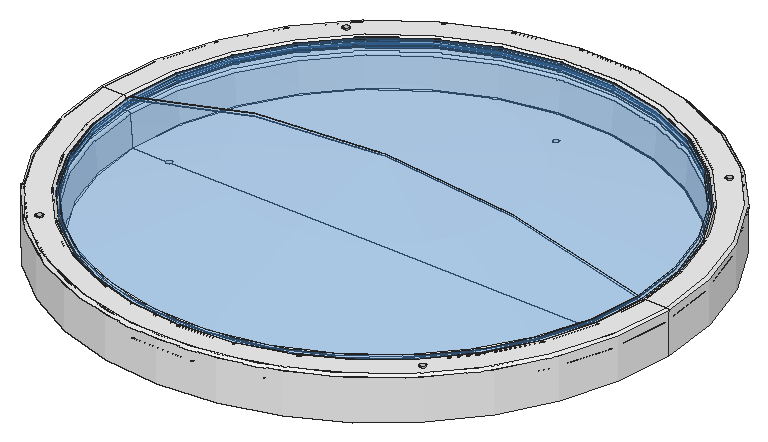
Revit family "BE_24231_de_DE", category Leuchten, Revit 2020
Family settings
  Basisbauteil = Fläche
  Bemaßung runder Anschluss = Durchmesser verwenden
  Teiletyp = Normal
  Beim Laden mit Abzugskörper schneiden = Ja
  Lichtquelle = Ja
  Gemeinsam genutzt = Nein
  Raumberechnungspunkt = Ja
Parameters (values of type "BEGA_24231_Weiß_K4")
  built-in parameter 1150104 = 13.629 (stored number, unit not read)
  Wattage = 117.6 W
  Default Elevation = 0 mm
  built-in parameter 1150113 = 1 (stored number, unit not read)
  built-in parameter 1114218 = 1 (stored number, unit not read)
  Umgebungstemperatur = "25 °C"
  URL = "https://www.bega.com/de/produkt/24231"
  Typenkommentare = "© 2022 BEGA. Wir behalten uns das Recht vor, technische Änderungen ohne vorherige Ankündigung vorzunehmen."  # constant formula
  Type Image = 24231.png
  built-in parameter 1150134 = 12
  built-in parameter 1150109 = 1 (stored number, unit not read)
  Strom = ""
  built-in parameter 1150110 = 1 (stored number, unit not read)
  Spannung = 239.996 V
  Sonderanfertigung = no
  Seriennummer [instance] = "Hier können Sie die eindeutige Seriennummer für das Facility Management eintragen."
  Schutzklasse = "I"
  Schutzart = "IP 65"
  Scheinlast = 0 VA
  Produktdatenblatt = "https://cdn.bega.com/bega/products/24231AK3/current/documents/data-sheets/de"
  Oberflächentemperatur = ""
  Neigungswinkel = 0.00°
  Modell = "24231WK4"
  Material_17 = BEGA_Reflektor
  Material_15 = BEGA_Leuchtmedium_matt
  Material_13 = BEGA_Kunststoff_matt
  Material_11 = BEGA_Glas_opal
  Material_09 = BEGA_Glas_klar
  Material_06 = BEGA_Oberfläche_Edelstahl_gebürstet
  Material_03 = BEGA_Oberfläche_Weiss_matt
  Material_02 = BEGA_Oberfläche_Silber_matt
  Material_01 [instance] = BEGA_Oberfläche_Grafit_matt
  M_W = yes
  M_G = no
  M_A = no
  Logo = 0
  built-in parameter 1114217 = 1 (stored number, unit not read)
  built-in parameter 1150139 = (empty or 0)
  built-in parameter 1150105 = 5863.4 (stored number, unit not read)
  built-in parameter 1150114 = 1 (stored number, unit not read)
  Lumens = 17251.9 lm
  built-in parameter 1150115 = 1 (stored number, unit not read)
  Leuchtenlichtstrom = "16358 lm"
  Leuchtenanzahl = ""
  Lebensdauerkriterien = "L70B50 @ 25 °C = 200000 h"
  Lastklassifizierung = Beleuchtung
  built-in parameter 1150112 = 1 (stored number, unit not read)
  Lampenlichtstrom = "21620 lm"
  Lampe = "LED 115 W"
  LED_Modulbezeichnung = "4 x LED-0566/840  +  6 x LED-0567/840  +  2 x LED-0568/840"
  built-in parameter 1150142 = (empty or 0)
  Hersteller = "BEGA"  # constant formula
  Halbstreuwinkel = ""
  Gewicht = "17.7 kg"
  Gebrauchslageneinschränkung [instance] = ""
  Frequenz = "0/50-60 Hz"
  Farbwiedergabeindex = "CRI > 80"
  Farbtemperaturverschiebung bei Dämpfen der Lampe = <Keine Auswahl>
  Farbtemperatur = "4000 K"
  Color Filter = 16777215
  built-in parameter 1150133 = 10 (stored number, unit not read)
  Energieeffizienzklasse = "LED A++ - A"
  built-in parameter 1150137 = (empty or 0)
  built-in parameter 1150132 = (empty or 0)
  ENEC = "ja"
  Dimmbar [instance] = "DALI"
  Datei für fotometrisches Netz = "BE_24231K4.IES"
  CE_Konformität = "ja"
  Bestellnummer = "24231WK4"
  Beschreibung_Sonderanfertigung = "Hier können Sie Informationen zur Sonderanfertigung eintragen."
  Beschreibung = "Großflächenleuchte"
  built-in parameter 1150106 = 58.634 (stored number, unit not read)
  Befestigungsbohrung = "Ø 9,2 mm"
  Befestigungsabstand = "700 x 700 mm"
  Ballwurfsicher = ""
  BEGA_Intern_aus = yes
  BEGA_Intern_an = yes
  BEGA_Intern_Konstruktion = yes
  BEGA_Intern = yes
  BEGA_IES = yes
  BEGA_Dummy = no
  Anschlussleitung = ""
  Anschlussleistung [instance] = "121.2 W"
  Anschlusskasten = ""
  built-in parameter 1150107 = 4000 (stored number, unit not read)
  built-in parameter 1150102 = (empty or 0)
  built-in parameter 1150138 = (empty or 0)
  Aktualisierung = "2022-05-18T04:00:07"
  Abstand_zur_angestrahlten_Fläche [instance] = ""
  AC/DC = "AC/DC"
Types (6, lengths in mm): name | built-in parameter 1150134 | Modell | M_W | M_G | M_A | Leuchtenlichtstrom | Lampenlichtstrom | LED_Modulbezeichnung | Farbtemperatur | Datei für fotometrisches Netz | Bestellnummer | built-in parameter 1150107
  BEGA_24231_Weiß_K3 | (empty or 0) | "24231WK3" | yes | no | no | "16141 lm" | "21320 lm" | "4 x LED-0566/830  +  6 x LED-0567/830  +  2 x LED-0568/830" | "3000 K" | "BE_24231K3.IES" | "24231WK3" | 3000 (stored number, unit not read)
  BEGA_24231_Grafit_K4 | 12 | "24231K4" | no | yes | no | "16358 lm" | "21620 lm" | "4 x LED-0566/840  +  6 x LED-0567/840  +  2 x LED-0568/840" | "4000 K" | "BE_24231K4.IES" | "24231K4" | 4000 (stored number, unit not read)
  BEGA_24231_Silber_K4 | 12 | "24231AK4" | no | no | yes | "16358 lm" | "21620 lm" | "4 x LED-0566/840  +  6 x LED-0567/840  +  2 x LED-0568/840" | "4000 K" | "BE_24231K4.IES" | "24231AK4" | 4000 (stored number, unit not read)
  BEGA_24231_Silber_K3 | (empty or 0) | "24231AK3" | no | no | yes | "16141 lm" | "21320 lm" | "4 x LED-0566/830  +  6 x LED-0567/830  +  2 x LED-0568/830" | "3000 K" | "BE_24231K3.IES" | "24231AK3" | 3000 (stored number, unit not read)
  BEGA_24231_Weiß_K4 | 12 | "24231WK4" | yes | no | no | "16358 lm" | "21620 lm" | "4 x LED-0566/840  +  6 x LED-0567/840  +  2 x LED-0568/840" | "4000 K" | "BE_24231K4.IES" | "24231WK4" | 4000 (stored number, unit not read)
  BEGA_24231_Grafit_K3 | (empty or 0) | "24231K3" | no | yes | no | "16141 lm" | "21320 lm" | "4 x LED-0566/830  +  6 x LED-0567/830  +  2 x LED-0568/830" | "3000 K" | "BE_24231K3.IES" | "24231K3" | 3000 (stored number, unit not read)
Reference planes
  plane 1 "Mitte (Vorne/Hinten)": y = 0
  plane 2: z = 0
  plane 3 "Mitte (Links/Rechts)": x = 0
  plane 4 "Links": x = -464
  plane 5 "Rechts": x = 464
  plane 6 "Unten": y = -464
  plane 7 "Oben": y = 464
  plane 8 "Vorne": z = 142.441
  plane 9 "Hinten": z = 0
Forms (mm)
  Extrusion 1, solid, material "BEGA_Platte_Weiss"
    sketch origin (0, -1119.2, 0) x (1, 0, 0) y (0, 1, 0)
      loop
        line (-200, 1319.2) -> (-200, 919.2) -> (200, 919.2) -> (200, 1319.2) -> (-200, 1319.2)
    from 0 to -10
  Extrusion 2, solid, material "BEGA_Dummy_matt", visible <- "BEGA_Dummy"
    sketch origin (77.149, -76.023, 0) x (1, 0, 0) y (0, 1, 0)
      loop
        circle (-77.149, 76.023) r 464
    from 0 to 142.441
Dimensions and locks
  plane 1 "Mitte (Vorne/Hinten)" to Extrusion 1 = 200 mm
  aligned and locked: plane 2 to Extrusion 1
  aligned and locked: level to Extrusion 1
Nested families
  nested 1: "BE_24231" at (0, 0, 0), type "BE_24231"
Connectors
  electrical at (0, 0, 0), driven by "Lastklassifizierung", driven by "Spannung", driven by "Scheinlast"
    settings: index 1, voltage 239.996 V, apparent load 0 VA, apparent load phase1 0 VA, apparent load phase2 0 VA, apparent load phase3 0 VA, power factor 1, load classification "Beleuchtung", number of poles 1, system type 31, power factor state 1, is connector primary yes, connector utility no, sub classification motor no, connector description ""
Definition of nested family "BE_24231"
  Parameters (values of type "BE_24231")
    Default Elevation = 1 mm
    URL = "http://www.bega.de/de/produkt"
    Type Comments = "© 2015 BEGA. Wir behalten uns das Recht vor, technische Änderungen ohne vorherige Ankündigung vorzunehmen. "  # constant formula
    Type Image = (empty or 0)
    Neigungswinkel_um_Z2 = 0.00°
    Neigungswinkel_um_Z1 = 0.00°
    Neigungswinkel_um_Y2 = 0.00°
    Neigungswinkel_um_Y1 = 0.00°
    Neigungswinkel_um_X2 = 0.00°
    Neigungswinkel_um_X1 = 0.00°
    Material_17 = none
    Material_15 = none
    Material_13 = none
    Material_11 = none
    Material_09 = none
    Material_06 = none
    Material_03 = none
    Material_02 = none
    Material_01 = none
    M_W = yes
    M_G = yes
    M_A = yes
    Länge_Platte = 1000 mm  # constant formula
    Höhe_Platte = -10 mm  # constant formula
    Manufacturer = "BEGA"  # constant formula
    Drehwinkel_um_Z2 = 0.00°
    Drehwinkel_um_Z1 = 0.00°
    Breite_Platte = 1000 mm  # constant formula
  Reference planes
    plane 1 "Mitte (Oben/Unten)": y = 0
    plane 2: z = 0
    plane 3 "Mitte (Links/Rechts)": x = 0
    plane 4: x = -464
    plane 5: z = 142.441
    plane 6: x = 464
    plane 7: y = -464
    plane 8: y = 464
  Forms (mm)
    Extrusion 1, solid, detail levels medium
      sketch origin (0, 0, 0) x (1, 0, 0) y (0, 1, 0)
        loop
          line (-500, 500) -> (-500, -500) -> (500, -500) -> (500, 500) -> (-500, 500)
      from 0 to -10 <- "Höhe_Platte"
    Revolve 2, solid, material <- "Material_01", visible <- "M_G", detail levels medium+fine
      sketch origin (0, 0, 0) x (1, 0, 0) y (0, 0, 1)
        loop
          arc (-458.751, 58.996) -> (-457.283, 55.461) -> (-453.747, 54) r 5
          line (-453.747, 54) -> (-418.915, 54)
          arc (-418.915, 54) -> (-418.256, 53.752) -> (-417.924, 53.131) r 1
          line (-417.924, 53.131) -> (-413.858, 6.651)
          arc (-413.858, 6.651) -> (-412.578, 4.054) -> (-409.881, 3) r 4
          line (-409.881, 3) -> (0, 3) -> (0, 6) -> (-409.875, 6)
          arc (-409.875, 6) -> (-410.549, 6.263) -> (-410.869, 6.913) r 1
          line (-410.869, 6.913) -> (-414.932, 53.349)
          arc (-414.932, 53.349) -> (-416.211, 55.946) -> (-418.908, 57) r 4
          line (-418.908, 57) -> (-453.751, 57)
          arc (-453.751, 57) -> (-455.165, 57.586) -> (-455.751, 59) r 2
          line (-455.751, 59) -> (-455.751, 61)
          arc (-455.751, 61) -> (-456.044, 61.707) -> (-456.751, 62) r 1
          line (-456.751, 62) -> (-457.751, 62)
          arc (-457.751, 62) -> (-458.458, 61.707) -> (-458.751, 61) r 1
          line (-458.751, 61) -> (-458.751, 58.996)
        axis (0, 3) -> (0, 62)
      angle from 0 to 360
    Revolve 3, solid, material <- "Material_01", visible <- "M_G", detail levels medium+fine
      sketch origin (0, -350.067, 0) x (-1, 0, 0) y (0, 0, 1)
        loop
          arc (-21.172, 1.172) -> (-19.874, 0.304) -> (-18.343, 0) r 4
          line (-18.343, 0) -> (0, 0) -> (0, 3) -> (-24.657, 3)
          arc (-24.657, 3) -> (-23.134, 2.699) -> (-21.841, 1.841) r 4
          line (-21.841, 1.841) -> (-21.172, 1.172)
        axis (0, 3) -> (0, 0)
      angle from 0 to 360
    Extrusion 4, void
      sketch origin (0, -180.361, 0) x (-1, 0, 0) y (0, -1, 0)
        loop
          circle (0, 169.706) r 4.6
      from -0.618 to 9
    Revolve 5, solid, material <- "Material_01", visible <- "M_G", detail levels medium+fine
      sketch origin (0, 0, 0) x (1, 0, 0) y (0, 0, 1)
        loop
          line (-461, 9) -> (-461, 75)
          arc (-461, 75) -> (-460.707, 75.707) -> (-460, 76) r 1
          line (-460, 76) -> (-423.921, 75.988)
          arc (-423.921, 75.988) -> (-423.315, 75.651) -> (-423.074, 75) r 1
          line (-423.074, 75) -> (-423.074, 69.5) -> (-420, 69.5) -> (-420, 75) -> (-424, 79) -> (-460, 79) -> (-464, 75) -> (-464, 9) -> (-461, 9)
        axis (0, 9) -> (0, 79)
      angle from 0 to 360
    Revolve 6, solid, material <- "Material_13", detail levels medium+fine
      sketch origin (0, 0, 0) x (1, 0, 0) y (0, 0, 1)
        loop
          line (-419, 66.441) -> (-430.024, 66.441) -> (-430.024, 62.442) -> (-418.998, 62.442)
          arc (-418.998, 62.442) -> (-415.516, 63.853) -> (-414, 67.292) r 5
          line (-414, 67.292) -> (-414, 74.903)
          arc (-414, 74.903) -> (-413.805, 75.496) -> (-413.297, 75.858) r 1
          arc (-413.297, 75.858) -> (-209.004, 122.707) -> (0, 138.441) r 1395.992
          line (0, 138.441) -> (0, 142.441)
          arc (0, 142.441) -> (-209.603, 126.662) -> (-414.48, 79.68) r 1399.998
          arc (-414.48, 79.68) -> (-417.025, 77.866) -> (-418, 74.9) r 5
          line (-418, 74.9) -> (-418, 67.441)
          arc (-418, 67.441) -> (-418.293, 66.734) -> (-419, 66.441) r 1
        axis (0, 142.441) -> (0, 62.442)
      angle from 0 to 360
    Revolve 7, void
      sketch origin (0, 0, 27.13) x (1, 0, 0) y (0, 1, 0)
        loop
          line (395.264, -110.362) -> (394.151, -114.516) -> (432.099, -124.684) -> (433.212, -120.53) -> (395.264, -110.362)
        axis (395.264, -110.362) -> (433.212, -120.53)
      angle from 0 to 360
    Revolve 8, void
      sketch origin (-16.646, 23.773, 27.13) x (0.996195, 0.087156, 0) y (-0.087156, 0.996195, 0)
        loop
          line (386.442, -198.567) -> (384.625, -202.464) -> (420.231, -219.068) -> (422.048, -215.171) -> (386.442, -198.567)
        axis (386.442, -198.567) -> (422.048, -215.171)
      angle from 0 to 360
    Extrusion 9, void
      sketch origin (-89.803, 89.803, 0) x (1, 0, 0) y (0, 1, 0)
        loop
          circle (-222.739, 222.739) r 5.5
        loop
          circle (-222.739, -402.344) r 5.5
        loop
          circle (402.344, 222.739) r 5.5
        loop
          circle (402.344, -402.344) r 5.5
      from 76.289 to 83.761
    Extrusion 10, solid, material <- "Material_06", detail levels fine
      sketch origin (-89.803, 89.803, 0) x (1, 0, 0) y (0, 1, 0)
        loop
          circle (-222.739, 222.739) r 4.5
        loop
          circle (-222.739, -402.344) r 4.5
        loop
          circle (402.344, 222.739) r 4.5
        loop
          circle (402.344, -402.344) r 4.5
      from 76.289 to 80
    Revolve 11, solid, material <- "Material_01", visible <- "M_G", detail levels medium+fine
      sketch origin (-350.067, 0, 0) x (0, 1, 0) y (0, 0, 1)
        loop
          arc (-21.172, 1.172) -> (-19.874, 0.304) -> (-18.343, 0) r 4
          line (-18.343, 0) -> (0, 0) -> (0, 3) -> (-24.657, 3)
          arc (-24.657, 3) -> (-23.134, 2.699) -> (-21.841, 1.841) r 4
          line (-21.841, 1.841) -> (-21.172, 1.172)
        axis (0, 3) -> (0, 0)
      angle from 0 to 360
    Extrusion 12, void
      sketch origin (-180.361, 0, 0) x (0, 1, 0) y (-1, 0, 0)
        loop
          circle (0, 169.706) r 4.6
      from -0.618 to 9
    Revolve 13, solid, material <- "Material_01", visible <- "M_G", detail levels medium+fine
      sketch origin (350.067, 0, 0) x (0, -1, 0) y (0, 0, 1)
        loop
          arc (-21.172, 1.172) -> (-19.874, 0.304) -> (-18.343, 0) r 4
          line (-18.343, 0) -> (0, 0) -> (0, 3) -> (-24.657, 3)
          arc (-24.657, 3) -> (-23.134, 2.699) -> (-21.841, 1.841) r 4
          line (-21.841, 1.841) -> (-21.172, 1.172)
        axis (0, 3) -> (0, 0)
      angle from 0 to 360
    Extrusion 14, void
      sketch origin (180.361, 0, 0) x (0, -1, 0) y (1, 0, 0)
        loop
          circle (0, 169.706) r 4.6
      from -0.618 to 9
    Revolve 15, solid, material <- "Material_01", visible <- "M_G", detail levels medium+fine
      sketch origin (0, 350.067, 0) x (1, 0, 0) y (0, 0, 1)
        loop
          arc (-21.172, 1.172) -> (-19.874, 0.304) -> (-18.343, 0) r 4
          line (-18.343, 0) -> (0, 0) -> (0, 3) -> (-24.657, 3)
          arc (-24.657, 3) -> (-23.134, 2.699) -> (-21.841, 1.841) r 4
          line (-21.841, 1.841) -> (-21.172, 1.172)
        axis (0, 3) -> (0, 0)
      angle from 0 to 360
    Extrusion 16, void
      sketch origin (0, 180.361, 0) x (1, 0, 0) y (0, 1, 0)
        loop
          circle (0, 169.706) r 4.6
      from -0.618 to 9
    Revolve 17, solid, material <- "Material_02", visible <- "M_A", detail levels medium+fine
      sketch origin (0, 0, 0) x (1, 0, 0) y (0, 0, 1)
        loop
          arc (-458.751, 58.996) -> (-457.283, 55.461) -> (-453.747, 54) r 5
          line (-453.747, 54) -> (-418.915, 54)
          arc (-418.915, 54) -> (-418.256, 53.752) -> (-417.924, 53.131) r 1
          line (-417.924, 53.131) -> (-413.858, 6.651)
          arc (-413.858, 6.651) -> (-412.578, 4.054) -> (-409.881, 3) r 4
          line (-409.881, 3) -> (0, 3) -> (0, 6) -> (-409.875, 6)
          arc (-409.875, 6) -> (-410.549, 6.263) -> (-410.869, 6.913) r 1
          line (-410.869, 6.913) -> (-414.932, 53.349)
          arc (-414.932, 53.349) -> (-416.211, 55.946) -> (-418.908, 57) r 4
          line (-418.908, 57) -> (-453.751, 57)
          arc (-453.751, 57) -> (-455.165, 57.586) -> (-455.751, 59) r 2
          line (-455.751, 59) -> (-455.751, 61)
          arc (-455.751, 61) -> (-456.044, 61.707) -> (-456.751, 62) r 1
          line (-456.751, 62) -> (-457.751, 62)
          arc (-457.751, 62) -> (-458.458, 61.707) -> (-458.751, 61) r 1
          line (-458.751, 61) -> (-458.751, 58.996)
        axis (0, 3) -> (0, 62)
      angle from 0 to 360
    Revolve 18, solid, material <- "Material_02", visible <- "M_A", detail levels medium+fine
      sketch origin (0, -350.067, 0) x (-1, 0, 0) y (0, 0, 1)
        loop
          arc (-21.172, 1.172) -> (-19.874, 0.304) -> (-18.343, 0) r 4
          line (-18.343, 0) -> (0, 0) -> (0, 3) -> (-24.657, 3)
          arc (-24.657, 3) -> (-23.134, 2.699) -> (-21.841, 1.841) r 4
          line (-21.841, 1.841) -> (-21.172, 1.172)
        axis (0, 3) -> (0, 0)
      angle from 0 to 360
    Revolve 19, solid, material <- "Material_02", visible <- "M_A", detail levels medium+fine
      sketch origin (-350.067, 0, 0) x (0, 1, 0) y (0, 0, 1)
        loop
          arc (-21.172, 1.172) -> (-19.874, 0.304) -> (-18.343, 0) r 4
          line (-18.343, 0) -> (0, 0) -> (0, 3) -> (-24.657, 3)
          arc (-24.657, 3) -> (-23.134, 2.699) -> (-21.841, 1.841) r 4
          line (-21.841, 1.841) -> (-21.172, 1.172)
        axis (0, 3) -> (0, 0)
      angle from 0 to 360
    Revolve 20, solid, material <- "Material_02", visible <- "M_A", detail levels medium+fine
      sketch origin (350.067, 0, 0) x (0, -1, 0) y (0, 0, 1)
        loop
          arc (-21.172, 1.172) -> (-19.874, 0.304) -> (-18.343, 0) r 4
          line (-18.343, 0) -> (0, 0) -> (0, 3) -> (-24.657, 3)
          arc (-24.657, 3) -> (-23.134, 2.699) -> (-21.841, 1.841) r 4
          line (-21.841, 1.841) -> (-21.172, 1.172)
        axis (0, 3) -> (0, 0)
      angle from 0 to 360
    Revolve 21, solid, material <- "Material_02", visible <- "M_A", detail levels medium+fine
      sketch origin (0, 350.067, 0) x (1, 0, 0) y (0, 0, 1)
        loop
          arc (-21.172, 1.172) -> (-19.874, 0.304) -> (-18.343, 0) r 4
          line (-18.343, 0) -> (0, 0) -> (0, 3) -> (-24.657, 3)
          arc (-24.657, 3) -> (-23.134, 2.699) -> (-21.841, 1.841) r 4
          line (-21.841, 1.841) -> (-21.172, 1.172)
        axis (0, 3) -> (0, 0)
      angle from 0 to 360
    Revolve 22, solid, material <- "Material_03", visible <- "M_W", detail levels medium+fine
      sketch origin (0, 0, 0) x (1, 0, 0) y (0, 0, 1)
        loop
          arc (-458.751, 58.996) -> (-457.283, 55.461) -> (-453.747, 54) r 5
          line (-453.747, 54) -> (-418.915, 54)
          arc (-418.915, 54) -> (-418.256, 53.752) -> (-417.924, 53.131) r 1
          line (-417.924, 53.131) -> (-413.858, 6.651)
          arc (-413.858, 6.651) -> (-412.578, 4.054) -> (-409.881, 3) r 4
          line (-409.881, 3) -> (0, 3) -> (0, 6) -> (-409.875, 6)
          arc (-409.875, 6) -> (-410.549, 6.263) -> (-410.869, 6.913) r 1
          line (-410.869, 6.913) -> (-414.932, 53.349)
          arc (-414.932, 53.349) -> (-416.211, 55.946) -> (-418.908, 57) r 4
          line (-418.908, 57) -> (-453.751, 57)
          arc (-453.751, 57) -> (-455.165, 57.586) -> (-455.751, 59) r 2
          line (-455.751, 59) -> (-455.751, 61)
          arc (-455.751, 61) -> (-456.044, 61.707) -> (-456.751, 62) r 1
          line (-456.751, 62) -> (-457.751, 62)
          arc (-457.751, 62) -> (-458.458, 61.707) -> (-458.751, 61) r 1
          line (-458.751, 61) -> (-458.751, 58.996)
        axis (0, 3) -> (0, 62)
      angle from 0 to 360
    Revolve 23, solid, material <- "Material_03", visible <- "M_W", detail levels medium+fine
      sketch origin (0, -350.067, 0) x (-1, 0, 0) y (0, 0, 1)
        loop
          arc (-21.172, 1.172) -> (-19.874, 0.304) -> (-18.343, 0) r 4
          line (-18.343, 0) -> (0, 0) -> (0, 3) -> (-24.657, 3)
          arc (-24.657, 3) -> (-23.134, 2.699) -> (-21.841, 1.841) r 4
          line (-21.841, 1.841) -> (-21.172, 1.172)
        axis (0, 3) -> (0, 0)
      angle from 0 to 360
    Revolve 24, solid, material <- "Material_03", visible <- "M_W", detail levels medium+fine
      sketch origin (-350.067, 0, 0) x (0, 1, 0) y (0, 0, 1)
        loop
          arc (-21.172, 1.172) -> (-19.874, 0.304) -> (-18.343, 0) r 4
          line (-18.343, 0) -> (0, 0) -> (0, 3) -> (-24.657, 3)
          arc (-24.657, 3) -> (-23.134, 2.699) -> (-21.841, 1.841) r 4
          line (-21.841, 1.841) -> (-21.172, 1.172)
        axis (0, 3) -> (0, 0)
      angle from 0 to 360
    Revolve 25, solid, material <- "Material_03", visible <- "M_W", detail levels medium+fine
      sketch origin (350.067, 0, 0) x (0, -1, 0) y (0, 0, 1)
        loop
          arc (-21.172, 1.172) -> (-19.874, 0.304) -> (-18.343, 0) r 4
          line (-18.343, 0) -> (0, 0) -> (0, 3) -> (-24.657, 3)
          arc (-24.657, 3) -> (-23.134, 2.699) -> (-21.841, 1.841) r 4
          line (-21.841, 1.841) -> (-21.172, 1.172)
        axis (0, 3) -> (0, 0)
      angle from 0 to 360
    Revolve 26, solid, material <- "Material_03", visible <- "M_W", detail levels medium+fine
      sketch origin (0, 350.067, 0) x (1, 0, 0) y (0, 0, 1)
        loop
          arc (-21.172, 1.172) -> (-19.874, 0.304) -> (-18.343, 0) r 4
          line (-18.343, 0) -> (0, 0) -> (0, 3) -> (-24.657, 3)
          arc (-24.657, 3) -> (-23.134, 2.699) -> (-21.841, 1.841) r 4
          line (-21.841, 1.841) -> (-21.172, 1.172)
        axis (0, 3) -> (0, 0)
      angle from 0 to 360
    Revolve 27, solid, material <- "Material_02", visible <- "M_A", detail levels medium+fine
      sketch origin (0, 0, 0) x (1, 0, 0) y (0, 0, 1)
        loop
          line (-461, 9) -> (-461, 75)
          arc (-461, 75) -> (-460.707, 75.707) -> (-460, 76) r 1
          line (-460, 76) -> (-423.921, 75.988)
          arc (-423.921, 75.988) -> (-423.315, 75.651) -> (-423.074, 75) r 1
          line (-423.074, 75) -> (-423.074, 69.5) -> (-420, 69.5) -> (-420, 75) -> (-424, 79) -> (-460, 79) -> (-464, 75) -> (-464, 9) -> (-461, 9)
        axis (0, 9) -> (0, 79)
      angle from 0 to 360
    Revolve 28, solid, material <- "Material_03", visible <- "M_W", detail levels medium+fine
      sketch origin (0, 0, 0) x (1, 0, 0) y (0, 0, 1)
        loop
          line (-461, 9) -> (-461, 75)
          arc (-461, 75) -> (-460.707, 75.707) -> (-460, 76) r 1
          line (-460, 76) -> (-423.921, 75.988)
          arc (-423.921, 75.988) -> (-423.315, 75.651) -> (-423.074, 75) r 1
          line (-423.074, 75) -> (-423.074, 69.5) -> (-420, 69.5) -> (-420, 75) -> (-424, 79) -> (-460, 79) -> (-464, 75) -> (-464, 9) -> (-461, 9)
        axis (0, 9) -> (0, 79)
      angle from 0 to 360
  Cuts and joins
    Extrusion 4, Revolve 7, Revolve 8, Extrusion 9, Extrusion 12, Extrusion 14, Extrusion 16 cuts Revolve 2
    Extrusion 4, Revolve 7, Revolve 8, Extrusion 9, Extrusion 12, Extrusion 14, Extrusion 16 cuts Revolve 3
    Extrusion 12 cuts Revolve 11
    Extrusion 14 cuts Revolve 13
    Extrusion 16 cuts Revolve 15
    joined: Revolve 2, Revolve 3, Revolve 11, Revolve 13, Revolve 15
    Extrusion 9 cuts Revolve 5
    Extrusion 4, Revolve 7, Revolve 8, Extrusion 12, Extrusion 14, Extrusion 16 cuts Revolve 17
    Extrusion 4 cuts Revolve 18
    Extrusion 12 cuts Revolve 19
    Extrusion 14 cuts Revolve 20
    Extrusion 16 cuts Revolve 21
    joined: Revolve 17, Revolve 18, Revolve 19, Revolve 20, Revolve 21
    Extrusion 4, Revolve 7, Revolve 8, Extrusion 12, Extrusion 14, Extrusion 16 cuts Revolve 22
    Extrusion 4 cuts Revolve 23
    Extrusion 12 cuts Revolve 24
    Extrusion 14 cuts Revolve 25
    Extrusion 16 cuts Revolve 26
    joined: Revolve 22, Revolve 23, Revolve 24, Revolve 25, Revolve 26
    Extrusion 9 cuts Revolve 27
    Extrusion 9 cuts Revolve 28
  Dimensions and locks
    equal spacing: Extrusion 1 sketch curve, plane 3 "Mitte (Links/Rechts)", Extrusion 1 sketch curve
    equal spacing: Extrusion 1 sketch curve, plane 1 "Mitte (Oben/Unten)", Extrusion 1 sketch curve
    "Länge_Platte": Extrusion 1 sketch curve to Extrusion 1 sketch curve
    "Breite_Platte": Extrusion 1 sketch curve to Extrusion 1 sketch curve
    aligned and locked: Extrusion 1 to plane 2
    aligned and locked: level to Extrusion 1
  Automatic sketch dimensions
    Revolve 2 sketch curve to Revolve 2 sketch curve = 0 mm  (x17)
    Revolve 2 sketch curve to plane 3 "Mitte (Links/Rechts)" = 0 mm  (x2)
    level to Revolve 2 sketch curve = 7 mm
    Revolve 2 sketch curve to Revolve 2 sketch curve = 0.002 mm
    Revolve 2 sketch curve to Revolve 2 sketch curve = 0.006 mm
    Revolve 2 sketch curve to Revolve 2 sketch curve = 8.051 mm
    Revolve 2 sketch curve to Revolve 2 sketch curve = 0.984 mm
    Revolve 2 sketch curve to Revolve 2 sketch curve = 0.991 mm
    Revolve 2 sketch curve to Revolve 2 sketch curve = 0.001 mm
    Revolve 2 sketch curve to Revolve 2 sketch curve = 34.831 mm
    Revolve 2 sketch curve to Revolve 2 sketch curve = 0.004 mm
    Revolve 2 sketch curve to Revolve 2 sketch curve = 2 mm
    Revolve 2 sketch curve to Revolve 2 sketch curve = 1 mm  (x4)
    level to Revolve 2 sketch curve = 3 mm
    Revolve 2 sketch curve to Revolve 2 sketch curve = 46 mm
    Revolve 2 sketch curve to Revolve 2 sketch curve = 0.131 mm
    Revolve 2 sketch curve to Revolve 2 sketch curve = 3 mm
    Revolve 2 sketch curve to Revolve 2 sketch curve = 1.996 mm
    Revolve 2 sketch curve to Revolve 2 sketch curve = 2.004 mm
    Revolve 2 sketch curve to Revolve 2 sketch curve = 0.996 mm
    level to Revolve 2 sketch curve = 6.913 mm
    Revolve 2 sketch curve to Revolve 2 sketch curve = 2.989 mm
    level to Revolve 2 sketch curve = 6.651 mm
    Revolve 2 sketch curve to Revolve 2 sketch curve = 2.992 mm
    Revolve 3 sketch curve to Revolve 3 sketch curve = 2.816 mm
    Revolve 3 sketch curve to Revolve 3 sketch curve = 3.498 mm
    Revolve 3 sketch curve to Revolve 3 sketch curve = 18.343 mm
    Revolve 3 sketch curve to Revolve 3 sketch curve = 3 mm
    Revolve 3 sketch curve to Revolve 3 sketch curve = 4 mm
    Revolve 3 sketch curve to Revolve 3 sketch curve = 0 mm  (x4)
    Revolve 3 sketch curve to Revolve 3 sketch curve = 0.669 mm  (x2)
    Revolve 3 sketch curve to Revolve 3 sketch curve = 2 mm  (x2)
    Revolve 3 sketch curve to Revolve 3 sketch curve = 1 mm
    Revolve 11 sketch curve to Revolve 11 sketch curve = 2.816 mm
    Revolve 11 sketch curve to Revolve 11 sketch curve = 3.498 mm
    Revolve 11 sketch curve to Revolve 11 sketch curve = 18.343 mm
    Revolve 11 sketch curve to Revolve 11 sketch curve = 3 mm
    Revolve 11 sketch curve to Revolve 11 sketch curve = 4 mm
    Revolve 11 sketch curve to Revolve 11 sketch curve = 0 mm  (x4)
    Revolve 11 sketch curve to Revolve 11 sketch curve = 0.669 mm  (x2)
    Revolve 11 sketch curve to Revolve 11 sketch curve = 2 mm  (x2)
    Revolve 11 sketch curve to Revolve 11 sketch curve = 1 mm
    Revolve 13 sketch curve to Revolve 13 sketch curve = 2.816 mm
    Revolve 13 sketch curve to Revolve 13 sketch curve = 3.498 mm
    Revolve 13 sketch curve to Revolve 13 sketch curve = 18.343 mm
    Revolve 13 sketch curve to Revolve 13 sketch curve = 3 mm
    Revolve 13 sketch curve to Revolve 13 sketch curve = 4 mm
    Revolve 13 sketch curve to Revolve 13 sketch curve = 0 mm  (x4)
    Revolve 13 sketch curve to Revolve 13 sketch curve = 0.669 mm  (x2)
    Revolve 13 sketch curve to Revolve 13 sketch curve = 2 mm  (x2)
    Revolve 13 sketch curve to Revolve 13 sketch curve = 1 mm
    Revolve 15 sketch curve to Revolve 15 sketch curve = 2.816 mm
    Revolve 15 sketch curve to Revolve 15 sketch curve = 3.498 mm
    Revolve 15 sketch curve to Revolve 15 sketch curve = 18.343 mm
    Revolve 15 sketch curve to Revolve 15 sketch curve = 3 mm
    Revolve 15 sketch curve to Revolve 15 sketch curve = 4 mm
    Revolve 15 sketch curve to Revolve 15 sketch curve = 0 mm  (x4)
    Revolve 15 sketch curve to Revolve 15 sketch curve = 0.669 mm  (x2)
    Revolve 15 sketch curve to Revolve 15 sketch curve = 2 mm  (x2)
    Revolve 15 sketch curve to Revolve 15 sketch curve = 1 mm
    Revolve 3 sketch curve to level = 0 mm
    Revolve 3 sketch curve to plane 3 "Mitte (Links/Rechts)" = 0 mm
    Extrusion 4 sketch curve to plane 3 "Mitte (Links/Rechts)" = 0 mm
    Revolve 11 sketch curve to level = 0 mm
    Revolve 11 sketch curve to plane 1 "Mitte (Oben/Unten)" = 0 mm
    Extrusion 12 sketch curve to plane 1 "Mitte (Oben/Unten)" = 0 mm
    Revolve 13 sketch curve to level = 0 mm
    Revolve 13 sketch curve to plane 1 "Mitte (Oben/Unten)" = 0 mm
    plane 1 "Mitte (Oben/Unten)" to Extrusion 14 sketch curve = 0 mm
    Revolve 15 sketch curve to level = 0 mm
    Revolve 15 sketch curve to plane 3 "Mitte (Links/Rechts)" = 0 mm
    Extrusion 16 sketch curve to plane 3 "Mitte (Links/Rechts)" = 0 mm
    Revolve 5 sketch curve to plane 3 "Mitte (Links/Rechts)" = 0 mm
    Revolve 5 sketch curve to Revolve 5 sketch curve = 3.074 mm
    Revolve 5 sketch curve to Revolve 5 sketch curve = 3.921 mm
    Revolve 5 sketch curve to Revolve 5 sketch curve = 0.079 mm
    Revolve 5 sketch curve to Revolve 5 sketch curve = 0.153 mm
    Revolve 5 sketch curve to Revolve 5 sketch curve = 35.926 mm
    Revolve 5 sketch curve to Revolve 5 sketch curve = 0 mm  (x4)
    level to Revolve 5 sketch curve = 9 mm
    Revolve 5 sketch curve to Revolve 5 sketch curve = 1 mm
    Revolve 5 sketch curve to Revolve 5 sketch curve = 3 mm
    Revolve 5 sketch curve to Revolve 5 sketch curve = 9.5 mm
    Revolve 5 sketch curve to Revolve 5 sketch curve = 5.5 mm
    Revolve 5 sketch curve to Revolve 5 sketch curve = 4 mm  (x2)
    Revolve 5 sketch curve to Revolve 5 sketch curve = 0.988 mm
    level to Revolve 5 sketch curve = 29.5 mm
    Revolve 5 sketch curve to Revolve 5 sketch curve = 15 mm
    Revolve 5 sketch curve to Revolve 5 sketch curve = 0.012 mm  (x2)
    Revolve 6 sketch curve to plane 3 "Mitte (Links/Rechts)" = 0 mm  (x4)
    Revolve 6 sketch curve to Revolve 6 sketch curve = 0.001 mm
    Revolve 6 sketch curve to Revolve 6 sketch curve = 1 mm
    Revolve 6 sketch curve to Revolve 6 sketch curve = 4 mm  (x3)
    Revolve 6 sketch curve to Revolve 6 sketch curve = 0.998 mm
    Revolve 6 sketch curve to Revolve 6 sketch curve = 0.002 mm
    Revolve 6 sketch curve to Revolve 6 sketch curve = 11.027 mm
    Revolve 6 sketch curve to level = 1257.557 mm
    Revolve 6 sketch curve to Revolve 6 sketch curve = 0.006 mm
    Revolve 6 sketch curve to Revolve 6 sketch curve = 0.15 mm
    Revolve 6 sketch curve to Revolve 6 sketch curve = 7.458 mm
    Revolve 6 sketch curve to Revolve 6 sketch curve = 0.003 mm
    Revolve 6 sketch curve to Revolve 6 sketch curve = 1.184 mm
    Revolve 6 sketch curve to Revolve 6 sketch curve = 0 mm
    Revolve 6 sketch curve to level = 36.312 mm
    Revolve 6 sketch curve to Revolve 6 sketch curve = 4.613 mm
    Revolve 7 sketch curve to Revolve 7 sketch curve = 1.113 mm
    Revolve 7 sketch curve to Revolve 7 sketch curve = 37.948 mm
    plane 1 "Mitte (Oben/Unten)" to Revolve 7 sketch curve = 124.684 mm
    Revolve 7 sketch curve to Revolve 7 sketch curve = 4.153 mm
    Revolve 7 sketch curve to Revolve 7 sketch curve = 15.178 mm
    Revolve 7 sketch curve to Revolve 7 sketch curve = 0 mm  (x2)
    Revolve 7 sketch curve to Revolve 7 sketch curve = 4.067 mm
    plane 1 "Mitte (Oben/Unten)" to Revolve 8 sketch curve = 144.399 mm
    Revolve 8 sketch curve to Revolve 8 sketch curve = 1.817 mm
    Revolve 8 sketch curve to Revolve 8 sketch curve = 35.606 mm
    Revolve 8 sketch curve to Revolve 8 sketch curve = 12.706 mm
    Revolve 8 sketch curve to Revolve 8 sketch curve = 14.241 mm
    Revolve 8 sketch curve to Revolve 8 sketch curve = 0 mm  (x2)
    Revolve 8 sketch curve to Revolve 8 sketch curve = 6.641 mm
    Revolve 17 sketch curve to Revolve 17 sketch curve = 0 mm  (x17)
    Revolve 17 sketch curve to plane 3 "Mitte (Links/Rechts)" = 0 mm  (x2)
    level to Revolve 17 sketch curve = 7 mm
    Revolve 17 sketch curve to Revolve 17 sketch curve = 0.002 mm
    Revolve 17 sketch curve to Revolve 17 sketch curve = 0.006 mm
    Revolve 17 sketch curve to Revolve 17 sketch curve = 8.051 mm
    Revolve 17 sketch curve to Revolve 17 sketch curve = 0.984 mm
    Revolve 17 sketch curve to Revolve 17 sketch curve = 0.991 mm
    Revolve 17 sketch curve to Revolve 17 sketch curve = 0.001 mm
    Revolve 17 sketch curve to Revolve 17 sketch curve = 34.831 mm
    Revolve 17 sketch curve to Revolve 17 sketch curve = 0.004 mm
    Revolve 17 sketch curve to Revolve 17 sketch curve = 2 mm
    Revolve 17 sketch curve to Revolve 17 sketch curve = 1 mm  (x4)
    level to Revolve 17 sketch curve = 3 mm
    Revolve 17 sketch curve to Revolve 17 sketch curve = 46 mm
    Revolve 17 sketch curve to Revolve 17 sketch curve = 0.131 mm
    Revolve 17 sketch curve to Revolve 17 sketch curve = 3 mm
    Revolve 17 sketch curve to Revolve 17 sketch curve = 1.996 mm
    Revolve 17 sketch curve to Revolve 17 sketch curve = 2.004 mm
    Revolve 17 sketch curve to Revolve 17 sketch curve = 0.996 mm
    level to Revolve 17 sketch curve = 6.913 mm
    Revolve 17 sketch curve to Revolve 17 sketch curve = 2.989 mm
    level to Revolve 17 sketch curve = 6.651 mm
    Revolve 17 sketch curve to Revolve 17 sketch curve = 2.992 mm
    Revolve 18 sketch curve to level = 0 mm
    Revolve 18 sketch curve to plane 3 "Mitte (Links/Rechts)" = 0 mm  (x2)
    plane 3 "Mitte (Links/Rechts)" to Revolve 18 sketch curve = 18.343 mm
    level to Revolve 18 sketch curve = 1.841 mm
    Revolve 18 sketch curve to Revolve 18 sketch curve = 3.498 mm
    Revolve 18 sketch curve to level = 1 mm
    Revolve 18 sketch curve to Revolve 18 sketch curve = 2.816 mm
    Revolve 18 sketch curve to Revolve 18 sketch curve = 3 mm
    Revolve 18 sketch curve to Revolve 18 sketch curve = 4 mm
    Revolve 18 sketch curve to Revolve 18 sketch curve = 0.669 mm
    level to Revolve 18 sketch curve = 1.172 mm
    Revolve 18 sketch curve to Revolve 18 sketch curve = 0 mm  (x2)
    Revolve 18 sketch curve to level = 2 mm
    Revolve 18 sketch curve to Revolve 18 sketch curve = 2 mm
    Revolve 19 sketch curve to level = 0 mm
    Revolve 19 sketch curve to plane 1 "Mitte (Oben/Unten)" = 0 mm  (x2)
    plane 1 "Mitte (Oben/Unten)" to Revolve 19 sketch curve = 18.343 mm
    level to Revolve 19 sketch curve = 1.841 mm
    Revolve 19 sketch curve to Revolve 19 sketch curve = 3.498 mm
    Revolve 19 sketch curve to level = 1 mm
    Revolve 19 sketch curve to Revolve 19 sketch curve = 2.816 mm
    Revolve 19 sketch curve to Revolve 19 sketch curve = 3 mm
    Revolve 19 sketch curve to Revolve 19 sketch curve = 4 mm
    Revolve 19 sketch curve to Revolve 19 sketch curve = 0.669 mm
    level to Revolve 19 sketch curve = 1.172 mm
    Revolve 19 sketch curve to Revolve 19 sketch curve = 0 mm  (x2)
    Revolve 19 sketch curve to level = 2 mm
    Revolve 19 sketch curve to Revolve 19 sketch curve = 2 mm
    Revolve 20 sketch curve to level = 0 mm
    Revolve 20 sketch curve to plane 1 "Mitte (Oben/Unten)" = 0 mm  (x2)
    Revolve 20 sketch curve to Revolve 20 sketch curve = 18.343 mm
    level to Revolve 20 sketch curve = 1.841 mm
    Revolve 20 sketch curve to Revolve 20 sketch curve = 3.498 mm
    Revolve 20 sketch curve to level = 1 mm
    Revolve 20 sketch curve to Revolve 20 sketch curve = 2.816 mm
    Revolve 20 sketch curve to Revolve 20 sketch curve = 3 mm
    Revolve 20 sketch curve to Revolve 20 sketch curve = 4 mm
    Revolve 20 sketch curve to Revolve 20 sketch curve = 0.669 mm
    level to Revolve 20 sketch curve = 1.172 mm
    Revolve 20 sketch curve to Revolve 20 sketch curve = 0 mm  (x2)
    Revolve 20 sketch curve to level = 2 mm
    Revolve 20 sketch curve to Revolve 20 sketch curve = 2 mm
    Revolve 21 sketch curve to level = 0 mm
    Revolve 21 sketch curve to plane 3 "Mitte (Links/Rechts)" = 0 mm  (x2)
    Revolve 21 sketch curve to plane 3 "Mitte (Links/Rechts)" = 18.343 mm
    level to Revolve 21 sketch curve = 1.841 mm
    Revolve 21 sketch curve to Revolve 21 sketch curve = 3.498 mm
    Revolve 21 sketch curve to level = 1 mm
    Revolve 21 sketch curve to Revolve 21 sketch curve = 2.816 mm
    Revolve 21 sketch curve to Revolve 21 sketch curve = 3 mm
    Revolve 21 sketch curve to Revolve 21 sketch curve = 4 mm
    Revolve 21 sketch curve to Revolve 21 sketch curve = 0.669 mm
    level to Revolve 21 sketch curve = 1.172 mm
    Revolve 21 sketch curve to Revolve 21 sketch curve = 0 mm  (x2)
    Revolve 21 sketch curve to level = 2 mm
    Revolve 21 sketch curve to Revolve 21 sketch curve = 2 mm
    Revolve 22 sketch curve to Revolve 22 sketch curve = 0 mm  (x17)
    Revolve 22 sketch curve to plane 3 "Mitte (Links/Rechts)" = 0 mm  (x2)
    level to Revolve 22 sketch curve = 7 mm
    Revolve 22 sketch curve to Revolve 22 sketch curve = 0.002 mm
    Revolve 22 sketch curve to Revolve 22 sketch curve = 0.006 mm
    Revolve 22 sketch curve to Revolve 22 sketch curve = 8.051 mm
    Revolve 22 sketch curve to Revolve 22 sketch curve = 0.984 mm
    Revolve 22 sketch curve to Revolve 22 sketch curve = 0.991 mm
    Revolve 22 sketch curve to Revolve 22 sketch curve = 0.001 mm
    Revolve 22 sketch curve to Revolve 22 sketch curve = 34.831 mm
    Revolve 22 sketch curve to Revolve 22 sketch curve = 0.004 mm
    Revolve 22 sketch curve to Revolve 22 sketch curve = 2 mm
    Revolve 22 sketch curve to Revolve 22 sketch curve = 1 mm  (x4)
    level to Revolve 22 sketch curve = 3 mm
    Revolve 22 sketch curve to Revolve 22 sketch curve = 46 mm
    Revolve 22 sketch curve to Revolve 22 sketch curve = 0.131 mm
    Revolve 22 sketch curve to Revolve 22 sketch curve = 3 mm
    Revolve 22 sketch curve to Revolve 22 sketch curve = 1.996 mm
    Revolve 22 sketch curve to Revolve 22 sketch curve = 2.004 mm
    Revolve 22 sketch curve to Revolve 22 sketch curve = 0.996 mm
    level to Revolve 22 sketch curve = 6.913 mm
    Revolve 22 sketch curve to Revolve 22 sketch curve = 2.989 mm
    level to Revolve 22 sketch curve = 6.651 mm
    Revolve 22 sketch curve to Revolve 22 sketch curve = 2.992 mm
    Revolve 23 sketch curve to level = 0 mm
    Revolve 23 sketch curve to plane 3 "Mitte (Links/Rechts)" = 0 mm  (x2)
    plane 3 "Mitte (Links/Rechts)" to Revolve 23 sketch curve = 18.343 mm
    level to Revolve 23 sketch curve = 1.841 mm
    Revolve 23 sketch curve to Revolve 23 sketch curve = 3.498 mm
    Revolve 23 sketch curve to level = 1 mm
    Revolve 23 sketch curve to Revolve 23 sketch curve = 2.816 mm
    Revolve 23 sketch curve to Revolve 23 sketch curve = 3 mm
    Revolve 23 sketch curve to Revolve 23 sketch curve = 4 mm
    Revolve 23 sketch curve to Revolve 23 sketch curve = 0.669 mm
    level to Revolve 23 sketch curve = 1.172 mm
    Revolve 23 sketch curve to Revolve 23 sketch curve = 0 mm  (x2)
    Revolve 23 sketch curve to level = 2 mm
    Revolve 23 sketch curve to Revolve 23 sketch curve = 2 mm
    Revolve 24 sketch curve to level = 0 mm
    Revolve 24 sketch curve to plane 1 "Mitte (Oben/Unten)" = 0 mm  (x2)
    plane 1 "Mitte (Oben/Unten)" to Revolve 24 sketch curve = 18.343 mm
    level to Revolve 24 sketch curve = 1.841 mm
    Revolve 24 sketch curve to Revolve 24 sketch curve = 3.498 mm
    Revolve 24 sketch curve to level = 1 mm
    Revolve 24 sketch curve to Revolve 24 sketch curve = 2.816 mm
    Revolve 24 sketch curve to Revolve 24 sketch curve = 3 mm
    Revolve 24 sketch curve to Revolve 24 sketch curve = 4 mm
    Revolve 24 sketch curve to Revolve 24 sketch curve = 0.669 mm
    level to Revolve 24 sketch curve = 1.172 mm
    Revolve 24 sketch curve to Revolve 24 sketch curve = 0 mm  (x2)
    Revolve 24 sketch curve to level = 2 mm
    Revolve 24 sketch curve to Revolve 24 sketch curve = 2 mm
    Revolve 25 sketch curve to level = 0 mm
    Revolve 25 sketch curve to plane 1 "Mitte (Oben/Unten)" = 0 mm  (x2)
    Revolve 25 sketch curve to Revolve 25 sketch curve = 18.343 mm
    level to Revolve 25 sketch curve = 1.841 mm
    Revolve 25 sketch curve to Revolve 25 sketch curve = 3.498 mm
    Revolve 25 sketch curve to level = 1 mm
    Revolve 25 sketch curve to Revolve 25 sketch curve = 2.816 mm
    Revolve 25 sketch curve to Revolve 25 sketch curve = 3 mm
    Revolve 25 sketch curve to Revolve 25 sketch curve = 4 mm
    Revolve 25 sketch curve to Revolve 25 sketch curve = 0.669 mm
    level to Revolve 25 sketch curve = 1.172 mm
    Revolve 25 sketch curve to Revolve 25 sketch curve = 0 mm  (x2)
    Revolve 25 sketch curve to level = 2 mm
    Revolve 25 sketch curve to Revolve 25 sketch curve = 2 mm
    Revolve 26 sketch curve to level = 0 mm
    Revolve 26 sketch curve to plane 3 "Mitte (Links/Rechts)" = 0 mm  (x2)
    Revolve 26 sketch curve to plane 3 "Mitte (Links/Rechts)" = 18.343 mm
    level to Revolve 26 sketch curve = 1.841 mm
    Revolve 26 sketch curve to Revolve 26 sketch curve = 3.498 mm
    Revolve 26 sketch curve to level = 1 mm
    Revolve 26 sketch curve to Revolve 26 sketch curve = 2.816 mm
    Revolve 26 sketch curve to Revolve 26 sketch curve = 3 mm
    Revolve 26 sketch curve to Revolve 26 sketch curve = 4 mm
    Revolve 26 sketch curve to Revolve 26 sketch curve = 0.669 mm
    level to Revolve 26 sketch curve = 1.172 mm
    Revolve 26 sketch curve to Revolve 26 sketch curve = 0 mm  (x2)
    Revolve 26 sketch curve to level = 2 mm
    Revolve 26 sketch curve to Revolve 26 sketch curve = 2 mm
    Revolve 27 sketch curve to plane 3 "Mitte (Links/Rechts)" = 0 mm
    Revolve 27 sketch curve to Revolve 27 sketch curve = 3.074 mm
    Revolve 27 sketch curve to Revolve 27 sketch curve = 3.921 mm
    Revolve 27 sketch curve to Revolve 27 sketch curve = 0.079 mm
    Revolve 27 sketch curve to Revolve 27 sketch curve = 0.153 mm
    Revolve 27 sketch curve to Revolve 27 sketch curve = 35.926 mm
    Revolve 27 sketch curve to Revolve 27 sketch curve = 0 mm  (x4)
    level to Revolve 27 sketch curve = 9 mm
    Revolve 27 sketch curve to Revolve 27 sketch curve = 1 mm
    Revolve 27 sketch curve to Revolve 27 sketch curve = 3 mm
    Revolve 27 sketch curve to Revolve 27 sketch curve = 9.5 mm
    Revolve 27 sketch curve to Revolve 27 sketch curve = 5.5 mm
    Revolve 27 sketch curve to Revolve 27 sketch curve = 4 mm  (x2)
    Revolve 27 sketch curve to Revolve 27 sketch curve = 0.988 mm
    level to Revolve 27 sketch curve = 29.5 mm
    Revolve 27 sketch curve to Revolve 27 sketch curve = 15 mm
    Revolve 27 sketch curve to Revolve 27 sketch curve = 0.012 mm  (x2)
    Revolve 28 sketch curve to plane 3 "Mitte (Links/Rechts)" = 0 mm
    Revolve 28 sketch curve to Revolve 28 sketch curve = 3.074 mm
    Revolve 28 sketch curve to Revolve 28 sketch curve = 3.921 mm
    Revolve 28 sketch curve to Revolve 28 sketch curve = 0.079 mm
    Revolve 28 sketch curve to Revolve 28 sketch curve = 0.153 mm
    Revolve 28 sketch curve to Revolve 28 sketch curve = 35.926 mm
    Revolve 28 sketch curve to Revolve 28 sketch curve = 0 mm  (x4)
    level to Revolve 28 sketch curve = 9 mm
    Revolve 28 sketch curve to Revolve 28 sketch curve = 1 mm
    Revolve 28 sketch curve to Revolve 28 sketch curve = 3 mm
    Revolve 28 sketch curve to Revolve 28 sketch curve = 9.5 mm
    Revolve 28 sketch curve to Revolve 28 sketch curve = 5.5 mm
    Revolve 28 sketch curve to Revolve 28 sketch curve = 4 mm  (x2)
    Revolve 28 sketch curve to Revolve 28 sketch curve = 0.988 mm
    level to Revolve 28 sketch curve = 29.5 mm
    Revolve 28 sketch curve to Revolve 28 sketch curve = 15 mm
    Revolve 28 sketch curve to Revolve 28 sketch curve = 0.012 mm  (x2)
    Revolve 2 sketch curve to plane 3 "Mitte (Links/Rechts)" = 409.873 mm
    Revolve 6 sketch curve to plane 3 "Mitte (Links/Rechts)" = 413 mm
    Extrusion 9 sketch curve to plane 3 "Mitte (Links/Rechts)" = 312.541 mm  (x2)
    Extrusion 10 sketch curve to plane 3 "Mitte (Links/Rechts)" = 312.541 mm  (x2)
    Extrusion 12 sketch curve to plane 3 "Mitte (Links/Rechts)" = 350.067 mm
    Revolve 17 sketch curve to plane 3 "Mitte (Links/Rechts)" = 409.873 mm
    Revolve 22 sketch curve to plane 3 "Mitte (Links/Rechts)" = 409.873 mm
    Revolve 27 sketch curve to plane 3 "Mitte (Links/Rechts)" = 420 mm
    Revolve 28 sketch curve to plane 3 "Mitte (Links/Rechts)" = 420 mm
    level to Revolve 5 sketch curve = 69.5 mm
    level to Revolve 6 sketch curve = 62.442 mm
    level to Revolve 6 sketch curve = 138.441 mm
    level to Revolve 27 sketch curve = 69.5 mm
    level to Revolve 28 sketch curve = 69.5 mm
    plane 6 to Revolve 7 sketch curve = 69.849 mm
    plane 6 to Revolve 8 sketch curve = 79.839 mm
    plane 6 to Extrusion 9 sketch curve = 151.459 mm  (x2)
    plane 6 to Extrusion 10 sketch curve = 151.459 mm  (x2)
    plane 6 to Extrusion 14 sketch curve = 113.933 mm
    Revolve 5 sketch curve to plane 4 = 0 mm
    plane 7 to Extrusion 4 sketch curve = 113.933 mm
    plane 7 to Extrusion 9 sketch curve = 151.459 mm  (x2)
    plane 7 to Extrusion 10 sketch curve = 151.459 mm  (x2)
    plane 8 to Extrusion 9 sketch curve = 151.459 mm  (x2)
    plane 8 to Extrusion 10 sketch curve = 151.459 mm  (x2)
    plane 8 to Extrusion 16 sketch curve = 113.933 mm
    radius of Extrusion 4 sketch curve = 4.6 mm
    radius of Extrusion 12 sketch curve = 4.6 mm
    radius of Extrusion 14 sketch curve = 4.6 mm
    radius of Extrusion 16 sketch curve = 4.6 mm
    radius of Extrusion 9 sketch curve = 5.5 mm  (x4)
    radius of Extrusion 10 sketch curve = 4.5 mm  (x4)
